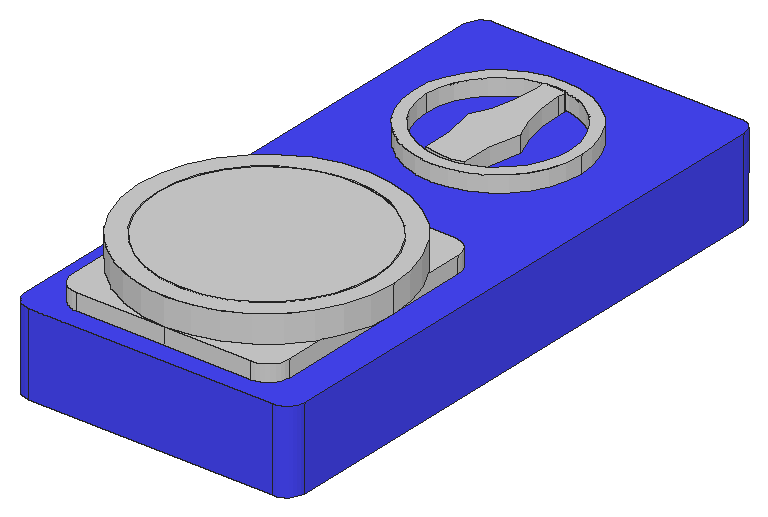
Revit family "Building-IEC309Connections-GEWISS-67IB-INTERLOCKED-SOCKET-OUTLETS_IP67_WITHOUT_BOTTOM", category Apparecchi elettrici, host Superficie, Revit 2019
Family settings
  Host = Superficie
  Mantenere orientamento annotazione = Sì
  Quota connettore circolare = Usa diametro
  Tipo di parte = Normale
  Taglio con vuoti quando caricato = Sì
  Condiviso = Sì
  Punto di calcolo locali = Sì
Parameters (values of type "GW66357N - 32A 3P+E 380V V.INT.SOCK.O.N.B.3H SBF")
  presa = rosso
  giallo = 0 mm
  dist_piano [instance] = 0 mm
  Working temperature = "-25 ÷ +40 °C"
  With back-mounting box = "No"
  Vista_2d_pianta [instance] = yes
  Version file RFA = "21.4"
  URL = "https://www.gewiss.com/ww/en"
  Typology = "Vertical"
  Thermo-pressure with ball = "125 °C"
  Technical sheet = "https://www.gewiss.com/ww/en/search?q=GW66357N"
  Struttura = Grigio RAL - 7035
  Simbolo presa = PRESAINDSTAGNA : 3P
  Simbolo [instance] = no
  Simb_circuito [instance] = not(Simbolo)  # yes
  Shock resistance = "IK08"
  SEO = "Socket outlet"
  Reference h = "3"
  Realized by GEWISS S.p.A. = ""
  Rated voltage: = "380 - 440 V"
  Rated voltage = "380 - 440 V"
  Rated frequency (Hz) = "50/60 Hz"
  Rated current (In) = "32"
  Rated current (A) = "32"
  Protection = "NO (SBF)"
  Default Elevation = 1219.2 mm
  Produttore = "GEWISS S.p.A."
  Operating temperature: = "-25 +40 °C"
  Number of poles = "3P+E"
  No. of poles = "3P+E"
  Modello = "GW66357N"
  Immagine tipo = C.jpg
  IP degree = "IP67"
  IDT = "c02ff193-3075-4b5a-ac4b-08e79c84e21a"
  IDF = "d4539c21-b4dc-4599-b1fe-3d571a3ca594"
  Glow wire test: = "850 °C"
  Glow Wire Test = "850 °C"
  Frequency = "50/60 Hz"
  Electrocod = "2222"
  EAN code = "8011564742116"
  Distanza x [instance] = 0 mm
  Distanza orizzontale simbolo [instance] = 0 mm
  Distanza effettiva x [instance] = 1500 mm - Distanza x  # 1500 mm
  Descrizione = "32A 3P+E 380V V.INT.SOCK.O.N.B.3H SBF"
  Corpo presa = GEWISS -BLU
  Cornice simbolo [instance] = yes
  Colour: = "Red"
  Colour = "Red"
  Catalogue Range = "67 IB"
  Catalogue = "BUILDING"
  COBie.Tagnumber = ""
  COBie.CreatedOn = ""
  COBie.CreatebBy = ""
  COBie.ComponentRegisterItemID = ""
  COBie.Component.TagNumber = ""
  COBie.Component.Space = ""
  COBie.Component.SerialNumber = ""
  COBie.Component.InstallationDate = ""
  COBie.Component.Description = ""
  COBie.Component.BarCode = ""
Types (23, lengths in mm): name | Technical sheet | Reference h | Rated voltage: | Rated voltage | Rated current (In) | Rated current (A) | Number of poles | No. of poles | Modello | IDT | EAN code | Descrizione | Colour: | Colour
  GW66301N - 16A 2P+E 110V V.INT.SOCK.O.N.B.4H SBF | "https://www.gewiss.com/ww/en/search?q=GW66301N" | "4" | "100 - 130 V" | "100 - 130 V" | "16" | "16" | "2P+E" | "2P+E" | "GW66301N" | "1fb9f3ad-5e5b-49f7-bd51-87b15efa7457" | "8011564741560" | "16A 2P+E 110V V.INT.SOCK.O.N.B.4H SBF" | "Yellow" | "Yellow"
  GW66302N - 16A 3P+E 110V V.INT.SOCK.O.N.B.4H SBF | "https://www.gewiss.com/ww/en/search?q=GW66302N" | "4" | "100 - 130 V" | "100 - 130 V" | "16" | "16" | "3P+E" | "3P+E" | "GW66302N" | "d76a8e6a-f22b-498f-b40c-c817641f666d" | "8011564741577" | "16A 3P+E 110V V.INT.SOCK.O.N.B.4H SBF" | "Yellow" | "Yellow"
  GW66303N - 16A 3P+N+E 110V V.INT.SOCK.O.N.B.4H SBF | "https://www.gewiss.com/ww/en/search?q=GW66303N" | "4" | "100 - 130 V" | "100 - 130 V" | "16" | "16" | "3P+N+E" | "3P+N+E" | "GW66303N" | "fa2fca33-36dd-4127-9653-6c48f71cc3f4" | "8011564741584" | "16A 3P+N+E 110V V.INT.SOCK.O.N.B.4H SBF" | "Yellow" | "Yellow"
  GW66304N - 16A 2P+E 230V V.INT.SOCK.O.N.B.6H SBF | "https://www.gewiss.com/ww/en/search?q=GW66304N" | "6" | "200 - 250 V" | "200 - 250 V" | "16" | "16" | "2P+E" | "2P+E" | "GW66304N" | "d421af1f-dea4-4f3e-8455-e2db01ab88bf" | "8011564741591" | "16A 2P+E 230V V.INT.SOCK.O.N.B.6H SBF" | "Blue" | "Blue"
  GW66305N - 16A 3P+E 230V V.INT.SOCK.O.N.B.9H SBF | "https://www.gewiss.com/ww/en/search?q=GW66305N" | "9" | "200 - 250 V" | "200 - 250 V" | "16" | "16" | "3P+E" | "3P+E" | "GW66305N" | "4f49d35e-1477-4fb3-8ba1-6e93a982f08f" | "8011564741607" | "16A 3P+E 230V V.INT.SOCK.O.N.B.9H SBF" | "Blue" | "Blue"
  GW66306N - 16A 3P+N+E 230V V.INT.SOCK.O.N.B.9H SBF | "https://www.gewiss.com/ww/en/search?q=GW66306N" | "9" | "200 - 250 V" | "200 - 250 V" | "16" | "16" | "3P+N+E" | "3P+N+E" | "GW66306N" | "5e8b19e6-d986-45cf-aa7a-fde1693e1db7" | "8011564741614" | "16A 3P+N+E 230V V.INT.SOCK.O.N.B.9H SBF" | "Blue" | "Blue"
  GW66307N - 16A 2P+E 400V V.INT.SOCK.O.N.B.6H SBF | "https://www.gewiss.com/ww/en/search?q=GW66307N" | "9" | "380 - 415 V" | "380 - 415 V" | "16" | "16" | "2P+E" | "2P+E" | "GW66307N" | "5afcc77c-1db4-4fa3-85b9-b415a9a7cb98" | "8011564741621" | "16A 2P+E 400V V.INT.SOCK.O.N.B.6H SBF" | "Red" | "Red"
  GW66308N - 16A 3P+E 400V V.INT.SOCK.O.N.B.9H SBF | "https://www.gewiss.com/ww/en/search?q=GW66308N" | "6" | "380 - 415 V" | "380 - 415 V" | "16" | "16" | "3P+E" | "3P+E" | "GW66308N" | "3b46b53c-a713-49d6-a213-0c6e885ae3a7" | "8011564741638" | "16A 3P+E 400V V.INT.SOCK.O.N.B.9H SBF" | "Red" | "Red"
  GW66309N - 16A 3P+N+E 400V V.INT.SOCK.O.N.B.9H SBF | "https://www.gewiss.com/ww/en/search?q=GW66309N" | "6" | "380 - 415 V" | "380 - 415 V" | "16" | "16" | "3P+N+E" | "3P+N+E" | "GW66309N" | "79124a5a-4e34-40a6-9e89-7dbde872828d" | "8011564741645" | "16A 3P+N+E 400V V.INT.SOCK.O.N.B.9H SBF" | "Red" | "Red"
  GW66310N - 16A 3P+E 500V V.INT.SOCK.O.N.B.7H SBF | "https://www.gewiss.com/ww/en/search?q=GW66310N" | "7" | "480 - 500 V" | "480 - 500 V" | "16" | "16" | "3P+E" | "3P+E" | "GW66310N" | "0a33f502-2c97-4aad-8415-416df6868e0d" | "8011564741652" | "16A 3P+E 500V V.INT.SOCK.O.N.B.7H SBF" | "Black" | "Black"
  GW66311N - 16A 3P+N+E 500V V.INT.SOCK.O.N.B.7H SBF | "https://www.gewiss.com/ww/en/search?q=GW66311N" | "7" | "480 - 500 V" | "480 - 500 V" | "16" | "16" | "3P+N+E" | "3P+N+E" | "GW66311N" | "fe4f7bea-3d0d-41aa-8395-f3a04442719d" | "8011564741669" | "16A 3P+N+E 500V V.INT.SOCK.O.N.B.7H SBF" | "Black" | "Black"
  GW66312N - 32A 2P+E 110V V.INT.SOCK.O.N.B.4H SBF | "https://www.gewiss.com/ww/en/search?q=GW66312N" | "4" | "100 - 130 V" | "100 - 130 V" | "32" | "32" | "2P+E" | "2P+E" | "GW66312N" | "e7f30baf-6d72-433e-8267-587e6466b320" | "8011564741676" | "32A 2P+E 110V V.INT.SOCK.O.N.B.4H SBF" | "Yellow" | "Yellow"
  GW66313N - 32A 3P+E 110V V.INT.SOCK.O.N.B.4H SBF | "https://www.gewiss.com/ww/en/search?q=GW66313N" | "4" | "100 - 130 V" | "100 - 130 V" | "32" | "32" | "3P+E" | "3P+E" | "GW66313N" | "30e0181a-1585-4a73-8968-dd7d21b4d40a" | "8011564741683" | "32A 3P+E 110V V.INT.SOCK.O.N.B.4H SBF" | "Yellow" | "Yellow"
  GW66314N - 32A 3P+N+E 110V V.INT.SOCK.O.N.B.4H SBF | "https://www.gewiss.com/ww/en/search?q=GW66314N" | "4" | "100 - 130 V" | "100 - 130 V" | "32" | "32" | "3P+N+E" | "3P+N+E" | "GW66314N" | "4e80f8e2-55a5-49bf-854b-e14bd3cf1a8b" | "8011564741690" | "32A 3P+N+E 110V V.INT.SOCK.O.N.B.4H SBF" | "Yellow" | "Yellow"
  GW66315N - 32A 2P+E 230V V.INT.SOCK.O.N.B.6H SBF | "https://www.gewiss.com/ww/en/search?q=GW66315N" | "6" | "200 - 250 V" | "200 - 250 V" | "32" | "32" | "2P+E" | "2P+E" | "GW66315N" | "691c93a8-a2ae-407b-92ba-29b71341c377" | "8011564741706" | "32A 2P+E 230V V.INT.SOCK.O.N.B.6H SBF" | "Blue" | "Blue"
  GW66316N - 32A 3P+E 230V V.INT.SOCK.O.N.B.9H SBF | "https://www.gewiss.com/ww/en/search?q=GW66316N" | "9" | "200 - 250 V" | "200 - 250 V" | "32" | "32" | "3P+E" | "3P+E" | "GW66316N" | "08f4e14f-baad-43c4-b7db-831c9d60c77a" | "8011564741713" | "32A 3P+E 230V V.INT.SOCK.O.N.B.9H SBF" | "Blue" | "Blue"
  GW66317N - 32A 3P+N+E 230V V.INT.SOCK.O.N.B.9H SBF | "https://www.gewiss.com/ww/en/search?q=GW66317N" | "9" | "200 - 250 V" | "200 - 250 V" | "32" | "32" | "3P+N+E" | "3P+N+E" | "GW66317N" | "c6529567-d349-4355-a2bf-659be6d54e84" | "8011564741720" | "32A 3P+N+E 230V V.INT.SOCK.O.N.B.9H SBF" | "Blue" | "Blue"
  GW66318N - 32A 2P+E 400V V.INT.SOCK.O.N.B.6H SBF | "https://www.gewiss.com/ww/en/search?q=GW66318N" | "9" | "380 - 415 V" | "380 - 415 V" | "32" | "32" | "2P+E" | "2P+E" | "GW66318N" | "c5d3d553-e705-496f-8240-92318c7e9663" | "8011564741737" | "32A 2P+E 400V V.INT.SOCK.O.N.B.6H SBF" | "Red" | "Red"
  GW66319N - 32A 3P+E 400V V.INT.SOCK.O.N.B.9H SBF | "https://www.gewiss.com/ww/en/search?q=GW66319N" | "6" | "380 - 415 V" | "380 - 415 V" | "32" | "32" | "3P+E" | "3P+E" | "GW66319N" | "91aca365-0d1f-4594-a86c-8811287e9a9b" | "8011564741744" | "32A 3P+E 400V V.INT.SOCK.O.N.B.9H SBF" | "Red" | "Red"
  GW66320N - 32A 3P+N+E 400V V.INT.SOCK.O.N.B.9H SBF | "https://www.gewiss.com/ww/en/search?q=GW66320N" | "6" | "380 - 415 V" | "380 - 415 V" | "32" | "32" | "3P+N+E" | "3P+N+E" | "GW66320N" | "32dabdd3-fd15-4a7c-9bee-6454620550a7" | "8011564741751" | "32A 3P+N+E 400V V.INT.SOCK.O.N.B.9H SBF" | "Red" | "Red"
  GW66321N - 32A 3P+E 500V V.INT.SOCK.O.N.B.7H SBF | "https://www.gewiss.com/ww/en/search?q=GW66321N" | "7" | "480 - 500 V" | "480 - 500 V" | "32" | "32" | "3P+E" | "3P+E" | "GW66321N" | "90e2d996-bd20-4d8b-babf-f3dfbbf02051" | "8011564741768" | "32A 3P+E 500V V.INT.SOCK.O.N.B.7H SBF" | "Black" | "Black"
  GW66322N - 32A 3P+N+E 500V V.INT.SOCK.O.N.B.7H SBF | "https://www.gewiss.com/ww/en/search?q=GW66322N" | "7" | "480 - 500 V" | "480 - 500 V" | "32" | "32" | "3P+N+E" | "3P+N+E" | "GW66322N" | "18576ba8-5670-49af-9156-21b0f7471fcd" | "8011564741775" | "32A 3P+N+E 500V V.INT.SOCK.O.N.B.7H SBF" | "Black" | "Black"
  GW66357N - 32A 3P+E 380V V.INT.SOCK.O.N.B.3H SBF | "https://www.gewiss.com/ww/en/search?q=GW66357N" | "3" | "380 - 440 V" | "380 - 440 V" | "32" | "32" | "3P+E" | "3P+E" | "GW66357N" | "c02ff193-3075-4b5a-ac4b-08e79c84e21a" | "8011564742116" | "32A 3P+E 380V V.INT.SOCK.O.N.B.3H SBF" | "Red" | "Red"
Reference planes
  plane 1 "Centro (Fronte/Retro)": y = 0
  plane 2: z = 0
  plane 3 "Centro (Sinistra/Destra)": x = 0
  plane 4: z = -2
  plane 5: x = 0
  plane 6: x = -1500
  plane 7: x = 0
  plane 8: through (-170.762, -4572, -38.353) normal (-0.6157, 0, 0.788)
  plane 9: x = -51.152
  plane 10: x = 53.222
  plane 11: z = -2
  plane 12: y = -110
  plane 13: y = 110
  plane 14: z = -2
  plane 15: z = 45
Forms (mm)
  Extrusion 1, solid, detail levels coarse
    sketch origin (0, 0, 0) x (1, 0, 0) y (0, 0, 1)
      loop
        line (-51.152, 45) -> (-51.152, -2) -> (53.222, -2) -> (53.222, 45) -> (-51.152, 45)
    from -108.895 to 109.105
Lines and regions (mm)
  Masking region 1, visible <- "Vista_2d_pianta"
    outline origin (0, 0, 0) x (1, 0, 0) y (0, 0, 1)
      loop
        line (-50.384, 28) -> (-50.384, -2) -> (52.616, -2) -> (52.616, 28) -> (-50.384, 28)
  Masking region 2, visible <- "Vista_2d_pianta"
    outline origin (0, 0, 0) x (1, 0, 0) y (0, 0, 1)
      loop
        line (-40, 34) -> (-40, 28) -> (40, 28) -> (40, 34) -> (-40, 34)
  Masking region 3, visible <- "Vista_2d_pianta"
    outline origin (0, 0, 0) x (1, 0, 0) y (0, 0, 1)
      loop
        line (-46.899, 34) -> (46.899, 34) -> (46.899, 44) -> (-46.899, 44) -> (-46.899, 34)
Dimensions and locks
  locked: plane 2 to plane 4 at 2
  "Distanza effettiva x": plane 5 to plane 6
  plane 3 "Centro (Sinistra/Destra)" to plane 6 = 1500 mm
  plane 6 to plane 5 = 1500 mm
  "Distanza effettiva x": plane 6 to plane 7
  locked: plane 9 to Masking region 1 at 0.768
  locked: Masking region 1 to plane 10 at 0.606
  "dist_piano": plane 14 to plane 4
  equal spacing: plane 12, plane 1 "Centro (Fronte/Retro)", plane 13
  locked: plane 12 to plane 13 at 220
  locked: plane 11 to plane 14 at 0
  locked: plane 15 to plane 11 at 47
  angle plane 8 to plane 4 = 142.00°
  angle plane 7 to plane 8 = 128.00°
  aligned and locked: plane 2 to host face
  aligned and locked: level to host face
  aligned and locked: plane 3 "Centro (Sinistra/Destra)" to nested 1
  aligned and locked: Masking region 1 sketch curve to nested 1  (x4)
  aligned and locked: Masking region 2 sketch curve to nested 1  (x4)
  aligned and locked: Extrusion 1 sketch curve to plane 9
  aligned and locked: Extrusion 1 sketch curve to plane 10
  aligned and locked: nested 1 to plane 11
  aligned and locked: Masking region 3 sketch curve to nested 1  (x4)
  aligned and locked: Extrusion 1 to plane 14
  aligned and locked: plane 15 to Extrusion 1
  aligned and locked: plane 7 to nested 2
  aligned and locked: plane 7 to nested 3
Automatic sketch dimensions
  host sketch curve to host sketch curve = 2438.4 mm  (x2)
  Extrusion 1 sketch curve to plane 11 = 0 mm
  plane 11 to Extrusion 1 sketch curve = 47 mm
Nested families
  nested 1: "IB PRESE INTERBLOC VERT_NO FONDO" at (0, 0, -2), type "IB PRESE INTERBLOC VERT_NO FONDO", detail levels medium+fine
  nested 2: "simbolo_circuitoGW66324N" at (0, 30.442, 0), Distanza dal muro <- "Distanza orizzontale simbolo", SIMBOLO ACCESO <- "Simb_circuito", visible <- "Simb_circuito", type "3P"
    with SIMBOLO ACCESO yes, Distanza dal muro 0 mm, BORDO ACCESO yes
  nested 3: "PRESAINDPFUS_BASE" at (0, 23.722, 0), visible <- "Simbolo", type "2P"
Definition of nested family "IB PRESE INTERBLOC VERT_NO FONDO"
  Parameters (values of type "IB PRESE INTERBLOC VERT_NO FONDO")
    corpo presa = none
    Struttura = none
    Spessore = 30 mm
    Raggio = 40 mm
    Default Elevation = 14 mm
    Presa = none
    Lunghezza = 103 mm
    IFC.TypeObject = ""
    IFC.ExportType = ""
    IFC.ExportAs = ""
    H_da terra = 586.883 mm
    COBie.CreatedOn = ""
    COBie.CreatebBy = ""
    COBie.ComponentRegisterItemID = ""
    COBie.Component.TagNumber = ""
    COBie.Component.Space = ""
    COBie.Component.SerialNumber = ""
    COBie.Component.InstallationDate = ""
    COBie.Component.Description = ""
    COBie.Component.BarCode = ""
    Altezza = 220 mm
  Reference planes
    plane 1 "Centro (Fronte/Retro)": y = 0
    plane 2: z = 0
    plane 3 "Centro (Sinistra/Destra)": x = 0
    plane 4: z = 6.883
    plane 5: z = 10.499
    plane 6 "presa": z = 46
    plane 7: z = 36
    plane 8: z = 30
    plane 9: x = -40
    plane 10: x = 40
    plane 11: y = -5.355
    plane 12: y = -98.612
    plane 13: y = -51.359
  Forms (mm)
    Extrusion 1, solid, material <- "Struttura"
      sketch origin (0, -697.104, -30) x (1, 0, 0) y (0, 1, 0)
        loop
          line (-0.408, 691.748) -> (-32.003, 691.748)
          spline (-32.003, 691.748) -> (-33.047, 691.681) -> (-34.073, 691.48) -> (-35.063, 691.148) -> (-36.002, 690.693) -> (-36.871, 690.12) -> (-37.658, 689.441) -> (-38.347, 688.666) -> (-38.929, 687.809) -> (-39.391, 686.885) -> (-39.728, 685.909) -> (-39.932, 684.898) -> (-40, 683.87)
          line (-40, 683.87) -> (-40, 606.37)
          spline (-40, 606.37) -> (-39.932, 605.341) -> (-39.728, 604.331) -> (-39.391, 603.355) -> (-38.929, 602.43) -> (-38.347, 601.574) -> (-37.658, 600.799) -> (-36.871, 600.119) -> (-36.002, 599.547) -> (-35.063, 599.091) -> (-34.073, 598.76) -> (-33.047, 598.559) -> (-32.003, 598.491)
          line (-32.003, 598.491) -> (0, 598.491) -> (32.003, 598.491)
          spline (32.003, 598.491) -> (33.047, 598.559) -> (34.073, 598.76) -> (35.063, 599.091) -> (36.002, 599.547) -> (36.871, 600.119) -> (37.658, 600.799) -> (38.347, 601.574) -> (38.929, 602.43) -> (39.391, 603.355) -> (39.728, 604.331) -> (39.932, 605.341) -> (40, 606.37)
          line (40, 606.37) -> (40, 683.87)
          spline (40, 683.87) -> (39.932, 684.898) -> (39.728, 685.909) -> (39.391, 686.885) -> (38.929, 687.809) -> (38.347, 688.666) -> (37.658, 689.441) -> (36.871, 690.12) -> (36.002, 690.693) -> (35.063, 691.148) -> (34.073, 691.48) -> (33.047, 691.681) -> (32.003, 691.748)
          line (32.003, 691.748) -> (-0.408, 691.748)
      from 60 to 66
    Extrusion 2, solid, material <- "Presa"
      sketch origin (0, -700.854, -30) x (1, 0, 0) y (0, 1, 0)
        loop
          circle (0, 649.495) r 46.899
        loop
          circle (0, 649.495) r 40
      from 66 to 76
    Extrusion 3, solid, material <- "Struttura"
      sketch origin (0, -697.104, -30) x (1, 0, 0) y (0, 1, 0)
        loop
          circle (0, 752.384) r 30.831
        loop
          circle (0, 752.384) r 26.483
      from 60 to 66
    Extrusion 4, solid, material <- "Struttura"
      sketch origin (0, -697.104, -30) x (1, 0, 0) y (0, 1, 0)
        loop
          arc (-9.552, 750.899) -> (-7.429, 739.645) -> (-7.314, 728.193) r 64.983
          arc (-7.314, 728.193) -> (-0.131, 727.067) -> (7.064, 728.115) r 24.316
          arc (7.064, 728.115) -> (7.302, 739.566) -> (9.547, 750.796) r 64.983
          arc (9.547, 750.796) -> (5.519, 762.425) -> (4.215, 774.661) r 54.251
          line (4.215, 774.661) -> (4.25, 777.658)
          arc (4.25, 777.658) -> (3.985, 778.329) -> (3.336, 778.647) r 1
          arc (3.336, 778.647) -> (0.147, 778.794) -> (-3.043, 778.682) r 39.364
          arc (-3.043, 778.682) -> (-3.695, 778.371) -> (-3.967, 777.702) r 1
          line (-3.967, 777.702) -> (-3.964, 774.706)
          arc (-3.964, 774.706) -> (-5.4, 762.483) -> (-9.552, 750.899) r 54.251
      from 60 to 66
    Extrusion 5, solid, material <- "corpo presa"
      sketch origin (-2.5, -699.604, -30) x (1, 0, 0) y (0, 1, 0)
        loop
          arc (55.116, 802.193) -> (53.269, 806.652) -> (48.81, 808.499) r 6.306
          line (48.81, 808.499) -> (-41.578, 808.499)
          arc (-41.578, 808.499) -> (-46.037, 806.652) -> (-47.884, 802.193) r 6.306
          line (-47.884, 802.193) -> (-47.884, 600.052)
          arc (-47.884, 600.052) -> (-45.976, 595.446) -> (-41.369, 593.537) r 6.515
          line (-41.369, 593.537) -> (48.601, 593.537)
          arc (48.601, 593.537) -> (53.208, 595.446) -> (55.116, 600.052) r 6.515
          line (55.116, 600.052) -> (55.116, 802.193)
      from 30 to 60
    Extrusion 6, solid, material <- "Struttura", not visible
      sketch origin (0, 47.014, -580) x (1, 0, 0) y (0, 0, 1)
        loop
          line (-0.408, 691.748) -> (-29.506, 691.748)
          spline (-29.506, 691.748) -> (-30.55, 691.681) -> (-31.576, 691.48) -> (-32.567, 691.148) -> (-33.505, 690.693) -> (-34.375, 690.12) -> (-35.161, 689.441) -> (-35.851, 688.666) -> (-36.432, 687.809) -> (-36.895, 686.885) -> (-37.231, 685.909) -> (-37.435, 684.898) -> (-37.503, 683.87)
          line (-37.503, 683.87) -> (-37.503, 615.12)
          spline (-37.503, 615.12) -> (-37.435, 614.091) -> (-37.231, 613.081) -> (-36.895, 612.105) -> (-36.432, 611.18) -> (-35.851, 610.324) -> (-35.161, 609.549) -> (-34.375, 608.869) -> (-33.505, 608.297) -> (-32.567, 607.841) -> (-31.576, 607.51) -> (-30.55, 607.309) -> (-29.506, 607.241)
          line (-29.506, 607.241) -> (0, 607.241) -> (29.506, 607.241)
          spline (29.506, 607.241) -> (30.55, 607.309) -> (31.576, 607.51) -> (32.567, 607.841) -> (33.505, 608.297) -> (34.375, 608.869) -> (35.161, 609.549) -> (35.851, 610.324) -> (36.432, 611.18) -> (36.895, 612.105) -> (37.231, 613.081) -> (37.435, 614.091) -> (37.503, 615.12)
          line (37.503, 615.12) -> (37.503, 683.87)
          spline (37.503, 683.87) -> (37.435, 684.898) -> (37.231, 685.909) -> (36.895, 686.885) -> (36.432, 687.809) -> (35.851, 688.666) -> (35.161, 689.441) -> (34.375, 690.12) -> (33.505, 690.693) -> (32.567, 691.148) -> (31.576, 691.48) -> (30.55, 691.681) -> (29.506, 691.748)
          line (29.506, 691.748) -> (-0.408, 691.748)
      from 51.991 to 55.821
    Extrusion 7, solid, material <- "Presa", not visible
      sketch origin (0, 47.014, -580) x (1, 0, 0) y (0, 0, 1)
        loop
          circle (0, 646.456) r 46.899
      from 55.821 to 62.709
    Extrusion 8, solid, material <- "Struttura", not visible
      sketch origin (0, 47.014, -580) x (1, 0, 0) y (0, 0, 1)
        loop
          circle (0, 752.384) r 30.831
        loop
          circle (0, 752.384) r 26.483
      from 51.991 to 62.709
    Extrusion 9, solid, material <- "Struttura", not visible
      sketch origin (0, 47.014, -580) x (1, 0, 0) y (0, 0, 1)
        loop
          arc (-9.552, 750.899) -> (-7.429, 739.645) -> (-7.314, 728.193) r 64.983
          arc (-7.314, 728.193) -> (-0.131, 727.067) -> (7.064, 728.115) r 24.316
          arc (7.064, 728.115) -> (7.302, 739.566) -> (9.547, 750.796) r 64.983
          arc (9.547, 750.796) -> (5.519, 762.425) -> (4.215, 774.661) r 54.251
          line (4.215, 774.661) -> (4.25, 777.658)
          arc (4.25, 777.658) -> (3.985, 778.329) -> (3.336, 778.647) r 1
          arc (3.336, 778.647) -> (0.147, 778.794) -> (-3.043, 778.682) r 39.364
          arc (-3.043, 778.682) -> (-3.695, 778.371) -> (-3.967, 777.702) r 1
          line (-3.967, 777.702) -> (-3.964, 774.706)
          arc (-3.964, 774.706) -> (-5.4, 762.483) -> (-9.552, 750.899) r 54.251
      from 51.991 to 62.709
    Extrusion 10, solid, material <- "corpo presa", not visible
      sketch origin (0, 47.014, -580) x (1, 0, 0) y (0, 0, 1)
        loop
          arc (47.884, 796.962) -> (46.037, 801.42) -> (41.578, 803.267) r 6.306
          line (41.578, 803.267) -> (-41.578, 803.267)
          arc (-41.578, 803.267) -> (-46.037, 801.42) -> (-47.884, 796.962) r 6.306
          line (-47.884, 796.962) -> (-47.884, 597.014)
          arc (-47.884, 597.014) -> (-45.976, 592.407) -> (-41.369, 590.499) r 6.515
          line (-41.369, 590.499) -> (41.369, 590.499)
          arc (41.369, 590.499) -> (45.976, 592.407) -> (47.884, 597.014) r 6.515
          line (47.884, 597.014) -> (47.884, 796.962)
      from 30 to 51.991
    Extrusion 11, solid, material <- "Struttura"
      sketch origin (1.116, -3.75, 0) x (1, 0, 0) y (0, 1, 0)
        loop
          circle (-1.116, -47.609) r 40
      from 36 to 46
  Lines and regions (mm)
    symbolic lines
      curve 1: line (0, 0, 46) -> (0, -106.066, 46)
      curve 2: line (-40, -51.359, 46) -> (40, -51.359, 46)
  Dimensions and locks
    locked: plane 5 to plane 4 at 3.616
    Extrusion 5 sketch curve to Extrusion 5 sketch curve = 103 mm
    plane 6 "presa" to plane 2 = 46 mm
    locked: plane 7 to plane 6 "presa" at 10
    plane 8 to plane 2 = 30 mm
    locked: plane 8 to plane 7 at 6
    equal spacing: plane 9, plane 3 "Centro (Sinistra/Destra)", plane 10
    locked: plane 9 to plane 10 at 80
    Extrusion 1 to Extrusion 1 = 93.257 mm
    "Raggio": radius of Extrusion 11 sketch curve
    "Raggio": radius of Extrusion 2 sketch curve
    aligned and locked: level to plane 2
    aligned and locked: Extrusion 3 to Extrusion 5
    aligned and locked: Extrusion 4 to Extrusion 3
    aligned and locked: Extrusion 3 to Extrusion 4
    aligned and locked: Extrusion 2 to Extrusion 1
    aligned and locked: Extrusion 5 to level
    aligned and locked: plane 6 "presa" to Extrusion 2
    aligned and locked: Extrusion 11 to Extrusion 1
    aligned and locked: plane 6 "presa" to Extrusion 11
    aligned and locked: Extrusion 1 to plane 7
    aligned and locked: Extrusion 5 to plane 8
    aligned and locked: plane 8 to Extrusion 1
    aligned and locked: Extrusion 3 to plane 7
    aligned and locked: curve 1 to plane 3 "Centro (Sinistra/Destra)"
    aligned and locked: Extrusion 1 sketch curve to plane 9
    aligned and locked: Extrusion 1 sketch curve to plane 10
    aligned and locked: plane 12 to Extrusion 1 sketch curve
    aligned and locked: curve 2 to plane 13
    aligned and locked: plane 3 "Centro (Sinistra/Destra)" to Extrusion 11 sketch curve
    aligned and locked: plane 13 to Extrusion 11 sketch curve
  Automatic sketch dimensions
    Extrusion 1 sketch curve to plane 3 "Centro (Sinistra/Destra)" = 0 mm
    Extrusion 1 sketch curve to plane 3 "Centro (Sinistra/Destra)" = 0.408 mm
    Extrusion 1 sketch curve to Extrusion 1 sketch curve = 32.003 mm
    plane 1 "Centro (Fronte/Retro)" to Extrusion 1 sketch curve = 5.355 mm
    Extrusion 1 sketch curve to Extrusion 1 sketch curve = 7.997 mm  (x2)
    plane 3 "Centro (Sinistra/Destra)" to Extrusion 1 sketch curve = 32.003 mm
    Extrusion 1 sketch curve to Extrusion 1 sketch curve = 7.878 mm  (x3)
    Extrusion 3 sketch curve to Extrusion 3 sketch curve = 0 mm  (x2)
    Extrusion 3 sketch curve to plane 3 "Centro (Sinistra/Destra)" = 0 mm
    Extrusion 3 sketch curve to plane 1 "Centro (Fronte/Retro)" = 55.28 mm
    Extrusion 4 sketch curve to plane 3 "Centro (Sinistra/Destra)" = 0 mm
    Extrusion 4 sketch curve to plane 3 "Centro (Sinistra/Destra)" = 0.064 mm
    Extrusion 4 sketch curve to plane 3 "Centro (Sinistra/Destra)" = 2.967 mm
    Extrusion 4 sketch curve to Extrusion 4 sketch curve = 0.997 mm
    Extrusion 4 sketch curve to Extrusion 4 sketch curve = 1 mm  (x2)
    Extrusion 4 sketch curve to Extrusion 4 sketch curve = 54.251 mm
    Extrusion 4 sketch curve to Extrusion 4 sketch curve = 13.883 mm
    plane 3 "Centro (Sinistra/Destra)" to Extrusion 4 sketch curve = 3.25 mm
    Extrusion 4 sketch curve to Extrusion 4 sketch curve = 0.965 mm
    Extrusion 4 sketch curve to Extrusion 4 sketch curve = 54.25 mm
    Extrusion 4 sketch curve to Extrusion 4 sketch curve = 13.435 mm
    Extrusion 4 sketch curve to plane 1 "Centro (Fronte/Retro)" = 35.393 mm
    Extrusion 4 sketch curve to plane 1 "Centro (Fronte/Retro)" = 36.167 mm
    Extrusion 4 sketch curve to plane 1 "Centro (Fronte/Retro)" = 42.327 mm
    Extrusion 4 sketch curve to Extrusion 4 sketch curve = 11.953 mm
    Extrusion 4 sketch curve to Extrusion 4 sketch curve = 41.757 mm
    Extrusion 4 sketch curve to Extrusion 4 sketch curve = 23.278 mm
    Extrusion 4 sketch curve to Extrusion 4 sketch curve = 0.044 mm
    Extrusion 4 sketch curve to Extrusion 4 sketch curve = 41.61 mm
    Extrusion 4 sketch curve to Extrusion 4 sketch curve = 2.99 mm
    Extrusion 4 sketch curve to Extrusion 4 sketch curve = 0.007 mm
    Extrusion 4 sketch curve to Extrusion 4 sketch curve = 2.979 mm
    Extrusion 4 sketch curve to Extrusion 4 sketch curve = 0.018 mm
    Extrusion 4 sketch curve to Extrusion 4 sketch curve = 0 mm
    Extrusion 4 sketch curve to plane 3 "Centro (Sinistra/Destra)" = 7.314 mm
    Extrusion 4 sketch curve to Extrusion 4 sketch curve = 9.552 mm
    plane 3 "Centro (Sinistra/Destra)" to Extrusion 4 sketch curve = 7.064 mm
    Extrusion 5 sketch curve to plane 3 "Centro (Sinistra/Destra)" = 50.384 mm
    Extrusion 5 sketch curve to Extrusion 5 sketch curve = 6.306 mm  (x2)
    Extrusion 5 sketch curve to Extrusion 5 sketch curve = 6.515 mm  (x2)
    Extrusion 5 sketch curve to plane 1 "Centro (Fronte/Retro)" = 102.59 mm
    Extrusion 1 sketch curve to plane 12 = 7.878 mm
    plane 12 to Extrusion 5 sketch curve = 0.939 mm
    plane 1 "Centro (Fronte/Retro)" to curve 1 = 0 mm
    curve 2 to plane 9 = 0 mm
    curve 2 to plane 10 = 0 mm
    plane 12 to curve 1 = 7.454 mm
    Extrusion 2 sketch curve to Extrusion 2 sketch curve = 0 mm  (x2)
    Extrusion 2 sketch curve to plane 3 "Centro (Sinistra/Destra)" = 0 mm
    Extrusion 2 sketch curve to plane 13 = 0 mm
    radius of Extrusion 3 sketch curve = 30.831 mm
    radius of Extrusion 3 sketch curve = 26.483 mm
    radius of Extrusion 2 sketch curve = 46.899 mm
Definition of nested family "simbolo_circuitoGW66324N"
  Parameters (values of type "3P")
    SIMBOLO ACCESO [instance] = yes
    SIMBOLO = PRESAINDSTAGNA_BASE : 3P
    Distanza dal muro [instance] = 0 mm
    BORDO ACCESO [instance] = yes
  Reference planes
    plane 1: y = 0
    plane 2: x = 0
  Dimensions and locks
    "Distanza dal muro": plane 1 to nested 1
    aligned and locked: plane 2 to nested 1
  Nested families
    nested 1: "GW66201N-simb_base_di circuito" at (0, 0, 0), visible <- "SIMBOLO ACCESO", type "3P"
      with CORNICE SIMBOLO yes
  Definition of nested family "GW66201N-simb_base_di circuito"
    Parameters (values of type "3P")
      CORNICE SIMBOLO [instance] = yes
      3P = yes
    Types (2, lengths in mm): name | 3P
      3P | yes
      2P | no
    Reference planes
      plane 1: y = 0
      plane 2: x = 0
    Lines and regions (mm)
      detail lines, not visible
        curve 1: line (-2.443, 10.208, 0) -> (2.057, 10.208, 0)
        curve 2: line (2.057, 10.208, 0) -> (2.057, 4.208, 0)
        curve 3: line (2.057, 4.208, 0) -> (-2.443, 4.208, 0)
        curve 4: line (-2.443, 4.208, 0) -> (-2.443, 10.208, 0)
        curve 5: line (-2.043, 9.808, 0) -> (1.657, 9.808, 0)
        curve 6: line (1.657, 9.808, 0) -> (1.657, 4.608, 0)
        curve 7: line (1.657, 4.608, 0) -> (-2.043, 4.608, 0)
        curve 8: line (-2.043, 4.608, 0) -> (-2.043, 9.808, 0)
    Dimensions and locks
      aligned and locked: import instance to plane 2
      aligned and locked: plane 1 to import instance
Definition of nested family "PRESAINDPFUS_BASE"
  Parameters (values of type "2P")
    DIS [instance] = 0 mm
    CORNICE SIMBOLO [instance] = yes
    3P = no
  Reference planes
    plane 1: y = 0
    plane 2: x = 0
  Lines and regions (mm)
    detail lines, visible <- "CORNICE SIMBOLO"
      curve 1: line (-0.9, 2.3, 0) -> (0.9, 2.3, 0)
      curve 2: line (0.9, 2.3, 0) -> (0.9, 0, 0)
      curve 3: line (0.9, 0, 0) -> (-0.9, 0, 0)
      curve 4: line (-0.9, 0, 0) -> (-0.9, 2.3, 0)
    detail lines, not visible
      curve 5: line (-2.443, 10.208, 0) -> (2.057, 10.208, 0)
      curve 6: line (2.057, 10.208, 0) -> (2.057, 4.208, 0)
      curve 7: line (2.057, 4.208, 0) -> (-2.443, 4.208, 0)
      curve 8: line (-2.443, 4.208, 0) -> (-2.443, 10.208, 0)
      curve 9: line (-2.043, 9.808, 0) -> (1.657, 9.808, 0)
      curve 10: line (1.657, 9.808, 0) -> (1.657, 4.608, 0)
      curve 11: line (1.657, 4.608, 0) -> (-2.043, 4.608, 0)
      curve 12: line (-2.043, 4.608, 0) -> (-2.043, 9.808, 0)
      curve 35: line (-0.45, 0.969, 0) -> (-0.167, 0.969, 0)
      curve 36: line (-0.167, 0.969, 0) -> (0.33, 1.829, 0)
      curve 37: line (0.33, 1.829, 0) -> (0.836, 1.536, 0)
      curve 38: line (-0.167, 0.969, 0) -> (-0.45, 0.478, 0)
      curve 39: line (-0.45, 0.478, 0) -> (-0.45, 2.241, 0)
      curve 40: line (0.135, 1.491, 0) -> (0.641, 1.199, 0)
      curve 41: line (-0.84, 0.478, 0) -> (-0.06, 0.478, 0)
      curve 42: line (-0.45, 0.852, 0) -> (-0.333, 0.969, 0)
      curve 43: line (-0.45, 0.783, 0) -> (-0.264, 0.969, 0)
      curve 44: line (-0.45, 0.714, 0) -> (-0.195, 0.969, 0)
      curve 45: line (-0.45, 0.645, 0) -> (-0.223, 0.872, 0)
      curve 46: line (-0.45, 0.576, 0) -> (-0.317, 0.709, 0)
      curve 48: arc (-0.84, 0.089, 0) -> (-0.45, 0.478, 0) -> (-0.06, 0.089, 0) r 0.39
      curve 49: line (-0.608, 1.143, 0) -> (-0.608, 1.964, 0)
      curve 50: line (-0.608, 1.964, 0) -> (-0.292, 1.964, 0)
      curve 51: line (-0.292, 1.964, 0) -> (-0.292, 1.143, 0)
      curve 52: line (-0.292, 1.143, 0) -> (-0.608, 1.143, 0)
    detail lines
      curve 13: line (-0.45, 0.969, 0) -> (-0.167, 0.969, 0)
      curve 14: line (-0.167, 0.969, 0) -> (0.33, 1.829, 0)
      curve 15: line (0.33, 1.829, 0) -> (0.836, 1.536, 0)
      curve 16: line (-0.167, 0.969, 0) -> (-0.45, 0.478, 0)
      curve 17: line (-0.45, 0.478, 0) -> (-0.45, 2.241, 0)
      curve 18: line (0.135, 1.491, 0) -> (0.641, 1.199, 0)
      curve 19: line (-0.84, 0.478, 0) -> (-0.06, 0.478, 0)
      curve 20: line (-0.45, 0.852, 0) -> (-0.333, 0.969, 0)
      curve 21: line (-0.45, 0.783, 0) -> (-0.264, 0.969, 0)
      curve 22: line (-0.45, 0.714, 0) -> (-0.195, 0.969, 0)
      curve 23: line (-0.45, 0.645, 0) -> (-0.223, 0.872, 0)
      curve 24: line (-0.45, 0.576, 0) -> (-0.317, 0.709, 0)
      curve 26: arc (-0.84, 0.089, 0) -> (-0.45, 0.478, 0) -> (-0.06, 0.089, 0) r 0.39
      curve 27: line (-0.608, 1.143, 0) -> (-0.608, 1.964, 0)
      curve 28: line (-0.608, 1.964, 0) -> (-0.292, 1.964, 0)
      curve 29: line (-0.292, 1.964, 0) -> (-0.292, 1.143, 0)
      curve 30: line (-0.292, 1.143, 0) -> (-0.608, 1.143, 0)
    detail lines, visible <- "3P"
      curve 25: line (-0.06, 1.154, 0) -> (0.446, 0.861, 0)
    detail lines, visible <- "CORNICE SIMBOLO", not visible
      curve 31: line (-0.9, 2.3, 0) -> (0.9, 2.3, 0)
      curve 32: line (0.9, 2.3, 0) -> (0.9, 0, 0)
      curve 33: line (0.9, 0, 0) -> (-0.9, 0, 0)
      curve 34: line (-0.9, 0, 0) -> (-0.9, 2.3, 0)
    detail lines, visible <- "3P", not visible
      curve 47: line (-0.06, 1.154, 0) -> (0.446, 0.861, 0)
  Dimensions and locks
    "DIS": plane 1 to curve 3
